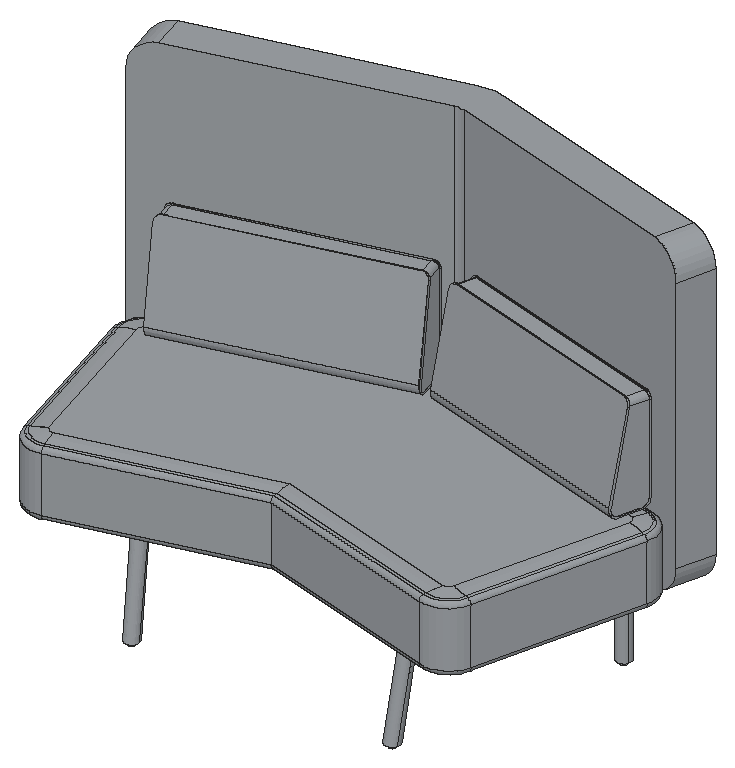
Revit family "Martin Brattrud - Medinah - Banquette - 30 Degree", category Furniture, Revit 2016
Family settings
  OmniClass Number = 23.40.20.00
  OmniClass Title = General Furniture and Specialties
  Work Plane-Based = No
  Always vertical = Yes
  Cut with Voids When Loaded = No
  Shared = No
  Room Calculation Point = No
Parameters (values of type "Mid Back")
  r = 0' - 0 1/2"  # constant formula
  WIDTH = 5' - 3"  # constant formula
  Upholstery (Seat) [instance] = Fabric - White
  Upholstery (Pillow) [instance] = Fabric - White
  Upholstery (Back) [instance] = Fabric - White
  URL = "http://www.martinbrattrud.com"
  SCS Certified Product = "Yes"
  Model = "1928-91"
  Manufacturer = "Martin Brattrud, Inc."
  Leg [instance] = Metal, Chrome
  Keynote = "125000"
  HEIGHT = 3' - 8"
  Description = "Medinah, Banquette 30 Degree"
  DEPTH = 3' - 7"  # constant formula
  Copyright = "© 2018 Martin Brattrud, Inc."
  Authoring Version = "Revit Architecture 2016"
  Assembly Code = "E2020200"
  ANGLE = 22.50°
Types (3): name | Model | HEIGHT | ANGLE
  (no name) | "1928-91" | 3' - 8" | 22.50°
  Mid Back | "1928-91" | 3' - 8" | 22.50°
  High Back | "1929-91" | 4' - 7" | 15.00°
Reference planes (in)
  plane 1 "Center Front/Back": y = 0
  plane 2: z = 0
  plane 3 "Center Left/Right": x = 0
  plane 4: y = 14
  plane 5: z = 11.3187651
  plane 6: z = 0.3828391
  plane 7: z = 11.0687651
  plane 8: z = 9.5880093
  plane 9: z = 18.375424
  plane 10: z = 29.1968652
  plane 11: through (0, -4.1319701, 19.5573484) normal (0, 0.9781, -0.2079)
  plane 12: through (0, -4.2542385, 19.5833374) normal (0, 0.9781, -0.2079)
  plane 13 "TOS": z = 17.5
  plane 14: through (-13.7063367, -16.1213211, 48) normal (-0.9659, -0.2588, 0)
  plane 15: through (13.7063367, -16.1213211, 48) normal (-0.9659, 0.2588, 0)
  plane 16: z = 44
  plane 17: through (-12.5604656, 2.3588465, 48) normal (0.9659, 0.2588, 0)
Forms (in)
  Extrusion 1, solid, material "Fabric - White" <- "Upholstery (Back)"
    sketch origin (0, 0, 17.5) x (0, -1, 0) y (1, 0, 0)
      loop
        line (-6.099132, -30.013051) -> (-2.2354286, -28.9777748) -> (-9.8612993, -0.5176381)
        arc (-9.8612993, -0.5176381) -> (-9.9294476, 0) -> (-9.8612993, 0.5176381) r 2
        line (-9.8612993, 0.5176381) -> (-2.2354286, 28.9777748) -> (-6.099132, 30.013051) -> (-13.7250026, 1.5529143)
        arc (-13.7250026, 1.5529143) -> (-13.9294476, 0) -> (-13.7250026, -1.5529143) r 6
        line (-13.7250026, -1.5529143) -> (-6.099132, -30.013051)
    from -6.4312349 to 26.5
  Extrusion 2, void
    sketch origin (0, 10, 17.5) x (0.965926, 0.258819, 0) y (0, 0, -1)
      loop
        arc (-27, -26.5) -> (-29.1213203, -25.6213203) -> (-30, -23.5) r 3
        line (-30, -23.5) -> (-30, 3.4312349)
        arc (-30, 3.4312349) -> (-29.1213203, 5.5525553) -> (-27, 6.4312349) r 3
        line (-27, 6.4312349) -> (-22, 6.4312349) -> (-22, 10.4312349) -> (-34, 10.0192442) -> (-34, -30.5) -> (-22, -30.5) -> (-22, -26.5) -> (-27, -26.5)
    from 0 to 13
  Extrusion 3, void
    sketch origin (0, 10, 17.5) x (-0.965926, 0.258819, 0) y (0, 0, 1)
      loop
        line (-22, 26.5) -> (-22, 30.5) -> (-34, 30.5) -> (-34, -10.4312349) -> (-22, -10.4312349) -> (-22, -6.4312349) -> (-27, -6.4312349)
        arc (-27, -6.4312349) -> (-29.1213203, -5.5525553) -> (-30, -3.4312349) r 3
        line (-30, -3.4312349) -> (-30, 23.5)
        arc (-30, 23.5) -> (-29.1213203, 25.6213203) -> (-27, 26.5) r 3
        line (-27, 26.5) -> (-22, 26.5)
    from 0 to 13
Cuts and joins
  Extrusion 2, Extrusion 3 cuts Extrusion 1
Lines and regions (in)
  reference lines
    curve 1: line (0, 10, 17.5) -> (-30, 1.9615242, 17.5)
    curve 2: line (0, 10, 17.5) -> (30, 1.9615242, 17.5)
    curve 3: line (-28.9777748, 2.2354286, 17.5) -> (-22.7661177, -20.9467912, 17.5)
    curve 4: line (28.9777748, 2.2354286, 17.5) -> (22.7661177, -20.9467912, 17.5)
    curve 5: line (0, -14.8466283, 17.5) -> (-23.7883429, -21.2206956, 17.5)
    curve 6: line (0, -14.8466283, 17.5) -> (23.7883429, -21.2206956, 17.5)
    curve 7: line (0, 14.1411047, 17.5) -> (-31.0352762, 5.8252275, 17.5)
    curve 8: line (0, 14.1411047, 17.5) -> (31.0352762, 5.8252275, 17.5)
    curve 9: line (0, -12.2584379, 17.5) -> (-20.9983508, -17.884929, 17.5)
    curve 10: line (0, -12.2584379, 17.5) -> (20.9983508, -17.884929, 17.5)
    curve 11: line (-25.9159126, 0.4676617, 17.5) -> (-20.9983508, -17.884929, 17.5)
    curve 12: line (0, 7.4118095, 17.5) -> (-25.9159126, 0.4676617, 17.5)
    curve 13: line (0, 7.4118095, 17.5) -> (25.9159126, 0.4676617, 17.5)
    curve 14: line (25.9159126, 0.4676617, 17.5) -> (20.9983508, -17.884929, 17.5)
    curve 15: line (0, 12.0705524, 17.5) -> (-30.5176381, 3.8933759, 17.5)
    curve 16: line (0, 12.0705524, 17.5) -> (30.5176381, 3.8933759, 17.5)
    curve 17: line (0, -2.4233142, 17.5) -> (-26.8941715, -9.6295857, 17.5)
    curve 18: line (0, -2.4233142, 17.5) -> (26.8941715, -9.6295857, 17.5)
Dimensions and locks (in)
  plane 9 to level = 1' - 6.37542"
  locked: plane 11 to plane 12 at 0.125
  plane 13 "TOS" to level = 1' - 5 1/2"
  "HEIGHT": plane 16 to level
  aligned and locked: Extrusion 1 sketch curve to curve 3
  aligned and locked: curve 1 to Extrusion 1 sketch curve
  aligned and locked: curve 7 to Extrusion 1 sketch curve
  aligned and locked: curve 2 to Extrusion 1 sketch curve
  aligned and locked: curve 8 to Extrusion 1 sketch curve
  aligned and locked: Extrusion 1 sketch curve to curve 4
  aligned and locked: plane 16 to Extrusion 1
Automatic sketch dimensions
  plane 3 "Center Left/Right" to Extrusion 1 sketch curve = 0' - 0.51764"
  Extrusion 1 sketch curve to plane 3 "Center Left/Right" = 0' - 0.51764"
  Extrusion 1 sketch curve to plane 1 "Center Front/Back" = 0' - 7.92945"
  Extrusion 1 sketch curve to Extrusion 1 sketch curve = 0' - 0"
  Extrusion 1 sketch curve to Extrusion 1 sketch curve = 0' - 1.03528"
  plane 3 "Center Left/Right" to Extrusion 1 sketch curve = 0' - 1.55291"
  Extrusion 2 sketch curve to Extrusion 1 = 0' - 0"  (x2)
  Extrusion 1 to Extrusion 2 sketch curve = 0' - 0"
  Extrusion 2 sketch curve to Extrusion 1 = 0' - 4"
  Extrusion 2 sketch curve to Extrusion 2 sketch curve = 0' - 3"
  Extrusion 1 to Extrusion 2 sketch curve = 0' - 3"
  Extrusion 2 sketch curve to Extrusion 2 sketch curve = 0' - 5"  (x2)
  Extrusion 1 to Extrusion 2 sketch curve = 0' - 4"  (x2)
  Extrusion 1 to Extrusion 2 sketch curve = 0' - 3.58801"
  Extrusion 3 sketch curve to Extrusion 1 = 0' - 0"  (x2)
  Extrusion 1 to Extrusion 3 sketch curve = 0' - 0"
  Extrusion 3 sketch curve to Extrusion 1 = 0' - 4"
  Extrusion 3 sketch curve to Extrusion 3 sketch curve = 0' - 3"
  Extrusion 1 to Extrusion 3 sketch curve = 0' - 3"
  Extrusion 3 sketch curve to Extrusion 3 sketch curve = 0' - 5"  (x2)
  Extrusion 1 to Extrusion 3 sketch curve = 0' - 4"  (x2)
  curve 16 to plane 3 "Center Left/Right" = 0' - 0"
  curve 17 to plane 3 "Center Left/Right" = 0' - 0"
  curve 16 to plane 4 = 0' - 1.92945"
  plane 1 "Center Front/Back" to curve 17 = 0' - 2.42331"
  curve 15 to curve 1 = 0' - 1.93185"
  curve 8 to curve 16 = 0' - 1.93185"
  plane 1 "Center Front/Back" to curve 17 = 0' - 9.62959"
  plane 1 "Center Front/Back" to curve 18 = 0' - 9.62959"
  curve 15 to curve 1 = 0' - 0.51764"
  curve 17 to curve 9 = 0' - 5.89582"
  curve 10 to curve 18 = 0' - 5.89582"
  curve 16 to curve 8 = 0' - 0.51764"
  curve 8 to plane 3 "Center Left/Right" = 0' - 0"
  curve 1 to plane 3 "Center Left/Right" = 0' - 0"
  curve 12 to plane 3 "Center Left/Right" = 0' - 0"
  curve 9 to plane 3 "Center Left/Right" = 0' - 0"
  curve 6 to plane 3 "Center Left/Right" = 0' - 0"
  plane 4 to curve 7 = 0' - 0.1411"
  curve 15 to curve 1 = 0' - 2.07055"
  curve 1 to curve 12 = 0' - 2.58819"
  curve 11 to plane 1 "Center Front/Back" = 0' - 0.46766"
  curve 14 to plane 1 "Center Front/Back" = 0' - 0.46766"
  curve 17 to curve 9 = 0' - 9.83512"
  curve 9 to curve 6 = 0' - 2.58819"
  curve 17 to curve 11 = 0' - 8.25534"
  curve 18 to curve 10 = 0' - 8.25534"
  curve 7 to plane 1 "Center Front/Back" = 0' - 5.82523"
  curve 8 to plane 1 "Center Front/Back" = 0' - 5.82523"
  curve 7 to curve 15 = 0' - 1.93185"
  curve 3 to curve 1 = 0' - 0.2739"
  curve 4 to plane 1 "Center Front/Back" = 0' - 2.23543"
  curve 4 to curve 2 = 0' - 0.2739"
  curve 10 to curve 4 = 0' - 3.06186"
  curve 9 to curve 3 = 0' - 3.06186"
  curve 3 to curve 5 = 0' - 0.2739"
  curve 4 to curve 6 = 0' - 0.2739"
  curve 7 to curve 15 = 0' - 0.51764"
  curve 2 to curve 16 = 0' - 0.51764"
Nested families (in)
  nested 1: "Martin_Brattrud_Medinah_SEAT CUSHION_30" at (0, 0, 0), UPHOLSTERY <- "Upholstery (Seat)", type "Martin_Brattrud_Medinah_SEAT CUSHION_30"
    with WIDTH 5' - 0", UPHOLSTERY Fabric - White, LEG Metal, Chrome, DEPTH 2' - 4"
  nested 2: "Martin_Brattrud_Medinah_LEG" at (-16.7303264, -4.835638, 0) x (0.9659, 0.2588, 0) z (0, 0, 1), LEG <- "Leg", type "Martin_Brattrud_Medinah_LEG"
    with UPHOLSTERY none, LEG Metal, Chrome
  nested 3: "Martin_Brattrud_Medinah_LEG" at (16.7303264, -4.835638, 0) x (-0.9659, 0.2588, 0) z (0, 0, 1), LEG <- "Leg", type "Martin_Brattrud_Medinah_LEG"
    with UPHOLSTERY none, LEG Metal, Chrome
  nested 4: "Martin_Brattrud_Medinah_BACK CUSHION" at (-13.6293623, 6.3480234, 0) x (0.9659, 0.2588, 0) z (0, 0, 1), UPHOLSTERY <- "Upholstery (Pillow)", type "Martin_Brattrud_Medinah_BACK CUSHION"
    with WIDTH 2' - 0.75974", UPHOLSTERY Fabric - White, LEG Fabric - White
  nested 5: "Martin_Brattrud_Medinah_BACK CUSHION" at (13.6293623, 6.3480234, 0) x (-0.9659, 0.2588, 0) z (0, 0, 1), UPHOLSTERY <- "Upholstery (Pillow)", type "Martin_Brattrud_Medinah_BACK CUSHION"
    with WIDTH 2' - 0.75974", UPHOLSTERY Fabric - White, LEG Fabric - White
Definition of nested family "Martin_Brattrud_Medinah_SEAT CUSHION_30"
  Parameters (values of type "Martin_Brattrud_Medinah_SEAT CUSHION_30")
    r = 0' - 0 1/2"
    WIDTH [instance] = 5' - 0"
    URL = "http://www.martinbrattrud.com"
    UPHOLSTERY [instance] = none
    SCS Certified Product = "Yes"
    Model = "MEDINAH"
    Manufacturer = "Martin Brattrud, Inc."
    LEG [instance] = none
    Keynote = "125000"
    DEPTH [instance] = 2' - 4"
    Copyright = "© 2013 Martin Brattrud, Inc."
    Authoring Version = "Revit Architecture 2010"
    Assembly Code = "E2020200"
    ANGLE = 15.00°
  Reference planes (in)
    plane 1 "Center Front/Back": y = 0
    plane 2: z = 0
    plane 3 "Center Left/Right": x = 0
    plane 4: y = 14
    plane 5: z = 11.3187651
    plane 6: z = 0.3828391
    plane 7: z = 11.0687651
    plane 8: z = 9.5880093
    plane 9: z = 18.375424
    plane 10: z = 29.1968652
    plane 11: through (0, -4.1319701, 19.5573484) normal (0, 0.9781, -0.2079)
    plane 12: through (0, -4.2542385, 19.5833374) normal (0, 0.9781, -0.2079)
    plane 13 "TOS": z = 17.5
    plane 14: through (-14.1259526, -16.2337568, 48) normal (-0.9659, -0.2588, 0)
    plane 15: through (14.1259526, -16.2337568, 48) normal (-0.9659, 0.2588, 0)
  Forms (in)
    Sweep 1, solid, material <- "UPHOLSTERY"
      path origin (0, 0, 17.5) x (0, -1, 0) y (1, 0, 0)
        loop
          line (-7.3771344, -0.1294095) -> (-0.5970712, -25.4329497)
          arc (-0.5970712, -25.4329497) -> (-0.3641083, -25.7365529) -> (0.0153012, -25.7865031) r 0.5
          line (0.0153012, -25.7865031) -> (17.4019661, -21.1277603)
          arc (17.4019661, -21.1277603) -> (17.7055693, -20.8947974) -> (17.7555195, -20.5153878) r 0.5
          line (17.7555195, -20.5153878) -> (12.2584379, 0) -> (17.7555195, 20.5153878)
          arc (17.7555195, 20.5153878) -> (17.7055693, 20.8947974) -> (17.4019661, 21.1277603) r 0.5
          line (17.4019661, 21.1277603) -> (0.0153012, 25.7865031)
          arc (0.0153012, 25.7865031) -> (-0.3641083, 25.7365529) -> (-0.5970712, 25.4329497) r 0.5
          line (-0.5970712, 25.4329497) -> (-7.3771344, 0.1294095)
          arc (-7.3771344, 0.1294095) -> (-7.3941715, 0) -> (-7.3771344, -0.1294095) r 0.5
      profile origin (-12.7811796, 3.9871028, 17.5) x (0.258819, -0.965926, 0) y (0, 0, 1)
        loop
          line (0, 0.875424) -> (-0.1591661, 0.875424)
          arc (-0.1591661, 0.875424) -> (-0.9953938, 0.8315992) -> (-1.8224596, 0.7006049) r 8
          line (-1.8224596, 0.7006049) -> (-2.1039558, 0.640771)
          arc (-2.1039558, 0.640771) -> (-2.388573, 0.4663574) -> (-2.5, 0.1516972) r 0.5
          line (-2.5, 0.1516972) -> (-2.5, -5.7471946)
          arc (-2.5, -5.7471946) -> (-2.3830222, -6.0685884) -> (-2.0868241, -6.2395985) r 0.5
          line (-2.0868241, -6.2395985) -> (-1.6892761, -6.3096969)
          arc (-1.6892761, -6.3096969) -> (-0.9973366, -6.4007925) -> (-0.3000907, -6.4312349) r 8
          line (-0.3000907, -6.4312349) -> (0, -6.4312349) -> (0, 0.875424)
    Extrusion 2, solid, material <- "UPHOLSTERY"
      sketch origin (0, 0, 17.5) x (0, -1, 0) y (1, 0, 0)
        loop
          line (12.2584379, 0) -> (17.7555195, 20.5153878)
          arc (17.7555195, 20.5153878) -> (17.7055693, 20.8947974) -> (17.4019661, 21.1277603) r 0.5
          line (17.4019661, 21.1277603) -> (0.0153012, 25.7865031)
          arc (0.0153012, 25.7865031) -> (-0.3641083, 25.7365529) -> (-0.5970712, 25.4329497) r 0.5
          line (-0.5970712, 25.4329497) -> (-7.3771344, 0.1294095)
          arc (-7.3771344, 0.1294095) -> (-7.3941715, 0) -> (-7.3771344, -0.1294095) r 0.5
          line (-7.3771344, -0.1294095) -> (-0.5970712, -25.4329497)
          arc (-0.5970712, -25.4329497) -> (-0.3641083, -25.7365529) -> (0.0153012, -25.7865031) r 0.5
          line (0.0153012, -25.7865031) -> (17.4019661, -21.1277603)
          arc (17.4019661, -21.1277603) -> (17.7055693, -20.8947974) -> (17.7555195, -20.5153878) r 0.5
          line (17.7555195, -20.5153878) -> (12.2584379, 0)
      from -6.4312349 to 0.875424
  Cuts and joins
    joined: Sweep 1, Extrusion 2
  Lines and regions (in)
    reference lines
      curve 1: line (0, 10, 17.5) -> (-30, 1.9615242, 17.5)
      curve 2: line (0, 10, 17.5) -> (30, 1.9615242, 17.5)
      curve 3: line (-28.9777748, 2.2354286, 17.5) -> (-22.7661177, -20.9467912, 17.5)
      curve 4: line (28.9777748, 2.2354286, 17.5) -> (22.7661177, -20.9467912, 17.5)
      curve 5: line (0, -14.8466283, 17.5) -> (-23.7883429, -21.2206956, 17.5)
      curve 6: line (0, -14.8466283, 17.5) -> (23.7883429, -21.2206956, 17.5)
      curve 7: line (0, 14.1411047, 17.5) -> (-31.0352762, 5.8252275, 17.5)
      curve 8: line (0, 14.1411047, 17.5) -> (31.0352762, 5.8252275, 17.5)
      curve 9: line (0, -12.2584379, 17.5) -> (-20.9983508, -17.884929, 17.5)
      curve 10: line (0, -12.2584379, 17.5) -> (20.9983508, -17.884929, 17.5)
      curve 11: line (-25.9159126, 0.4676617, 17.5) -> (-20.9983508, -17.884929, 17.5)
      curve 12: line (0, 7.4118095, 17.5) -> (-25.9159126, 0.4676617, 17.5)
      curve 13: line (0, 7.4118095, 17.5) -> (25.9159126, 0.4676617, 17.5)
      curve 14: line (25.9159126, 0.4676617, 17.5) -> (20.9983508, -17.884929, 17.5)
  Dimensions and locks (in)
    plane 9 to level = 1' - 6.37542"
    locked: plane 11 to plane 12 at 0.125
    plane 13 "TOS" to level = 1' - 5 1/2"
    curve 3 to curve 2 = 2' - 6"
    curve 4 to curve 2 = 2' - 6"
    locked: curve 1 to curve 5 at 24
    locked: curve 6 to curve 2 at 24
    locked: curve 7 to curve 1 at 4
    locked: curve 2 to curve 8 at 4
    locked: curve 9 to curve 5 at 2.5
    locked: curve 1 to curve 12 at 2.5
    locked: curve 13 to curve 2 at 2.5
    locked: curve 6 to curve 10 at 2.5
    locked: curve 3 to curve 11 at 2.5
    locked: curve 14 to curve 4 at 2.5
    "r": radius of Sweep 1 sketch curve  (x5)
    "r": radius of Extrusion 2 sketch curve  (x5)
    locked: curve 5 to curve 3 (angle 90.00°)
    locked: curve 3 to curve 1 (angle 90.00°)
    locked: curve 4 to curve 6 (angle 90.00°)
    locked: curve 2 to curve 4 (angle 90.00°)
    "ANGLE": angle curve 8 to plane 4
    "ANGLE": angle plane 4 to curve 7
    aligned and locked: Extrusion 2 to plane 9
    aligned and locked: Extrusion 2 to plane 7
    aligned and locked: plane 3 "Center Left/Right" to curve 1
    aligned and locked: curve 12 to Sweep 1 sketch curve
    aligned and locked: curve 11 to Sweep 1 sketch curve
    aligned and locked: Sweep 1 sketch curve to curve 9
    aligned and locked: curve 10 to Sweep 1 sketch curve
    aligned and locked: Sweep 1 sketch curve to curve 14
    aligned and locked: Sweep 1 sketch curve to curve 13
    aligned and locked: Extrusion 2 sketch curve to curve 9
    aligned and locked: Extrusion 2 sketch curve to curve 11
    aligned and locked: Extrusion 2 sketch curve to curve 12
    aligned and locked: curve 13 to Extrusion 2 sketch curve
    aligned and locked: curve 14 to Extrusion 2 sketch curve
    aligned and locked: Extrusion 2 sketch curve to curve 10
  Automatic sketch dimensions
    profile plane to Sweep 1 sketch curve = 0' - 0"
    Sweep 1 sketch curve to Sweep 1 sketch curve = 0' - 0.15917"
    Sweep 1 sketch curve to Sweep 1 sketch curve = 0' - 0.30009"
    Sweep 1 sketch curve to Sweep 1 sketch curve = 0' - 1.38919"
    Sweep 1 sketch curve to plane 13 "TOS" = 0' - 0.7006"
    Sweep 1 sketch curve to Sweep 1 sketch curve = 0' - 1.66329"
    Sweep 1 sketch curve to Sweep 1 sketch curve = 0' - 0.31072"
    Sweep 1 sketch curve to Sweep 1 sketch curve = 0' - 0.39755"
    Sweep 1 sketch curve to plane 13 "TOS" = 0' - 0.1517"
    Sweep 1 sketch curve to Sweep 1 sketch curve = 0' - 0.17754"
    Sweep 1 sketch curve to plane 13 "TOS" = 0' - 0.64077"
    Sweep 1 sketch curve to Sweep 1 sketch curve = 0' - 0.2815"
    plane 13 "TOS" to Sweep 1 sketch curve = 0' - 5.74719"
    Sweep 1 sketch curve to Sweep 1 sketch curve = 0' - 0.0701"
    Sweep 1 sketch curve to Sweep 1 sketch curve = 0' - 0.12154"
    Sweep 1 sketch curve to Sweep 1 sketch curve = 0' - 0.69334"
    plane 3 "Center Left/Right" to Sweep 1 sketch curve = 0' - 0.12941"
    Sweep 1 sketch curve to plane 3 "Center Left/Right" = 0' - 0.12941"
    Sweep 1 sketch curve to Sweep 1 sketch curve = 0' - 0.48296"  (x4)
    plane 1 "Center Front/Back" to Sweep 1 sketch curve = 0' - 0.0153"  (x2)
    Sweep 1 sketch curve to Sweep 1 sketch curve = 0' - 0.12941"  (x2)
    plane 3 "Center Left/Right" to Extrusion 2 sketch curve = 0' - 0.12941"
    Extrusion 2 sketch curve to plane 3 "Center Left/Right" = 0' - 0.12941"
    Extrusion 2 sketch curve to Extrusion 2 sketch curve = 0' - 0.48296"  (x4)
    plane 1 "Center Front/Back" to Extrusion 2 sketch curve = 0' - 0.0153"  (x2)
    Extrusion 2 sketch curve to Extrusion 2 sketch curve = 0' - 0.12941"  (x2)
    plane 4 to curve 7 = 0' - 0.1411"
Definition of nested family "Martin_Brattrud_Medinah_LEG"
  Parameters (values of type "Martin_Brattrud_Medinah_LEG")
    URL = "http://www.martinbrattrud.com"
    UPHOLSTERY [instance] = none
    SCS Certified Product = "Yes"
    Model = "MEDINAH"
    Manufacturer = "Martin Brattrud, Inc."
    LEG [instance] = none
    Keynote = "125000"
    Copyright = "© 2013 Martin Brattrud, Inc."
    Authoring Version = "Revit Architecture 2010"
    Assembly Code = "E2020200"
  Reference planes (in)
    plane 1 "Center Front/Back": y = 0
    plane 2: z = 0
    plane 3 "Center Left/Right": x = 0
    plane 4: y = 14
    plane 5: y = -14
    plane 6: y = 10
    plane 7: z = 11.3187651
    plane 8: z = 0.3828391
    plane 9: z = 11.0687651
    plane 10: z = 9.5880093
  Forms (in)
    Blend 1, solid, material <- "LEG"
      base sketch origin (0, 0.4291845, 0) x (1, 0, 0) y (0, 1, 0)
        loop
          circle (0, -12.0395903) r 0.75
      top sketch origin (0, 0.4291845, 0) x (1, 0, 0) y (0, 1, 0)
        loop
          circle (0, -10.1333403) r 0.75
      from 0.3828391 to 11.0687651
    Extrusion 2, solid, material <- "LEG"
      sketch origin (0, -0.0541609, 0) x (1, 0, 0) y (0, 1, 0)
        loop
          circle (0, 12.0541597) r 0.75
      from 0.3828391 to 11.0687651
    Extrusion 3, solid, material <- "LEG"
      sketch origin (0, -0.0541609, 0) x (1, 0, 0) y (0, 1, 0)
        loop
          circle (0, 12.0541597) r 0.3125
        loop
          circle (0.0088621, -11.5418738) r 0.3125
      from 0 to 0.3828391
    Blend 4, solid, material <- "LEG"
      base sketch origin (0, 0, 0) x (1, 0, 0) y (0, 1, 0)
        loop
          line (-0.75, 11.9999988) -> (-0.75, -9.9697661)
          arc (-0.75, -9.9697661) -> (0, -9.2197661) -> (0.75, -9.9697661) r 0.75
          line (0.75, -9.9697661) -> (0.75, 11.9999988)
          arc (0.75, 11.9999988) -> (0, 11.2499988) -> (-0.75, 11.9999988) r 0.75
      top sketch origin (0, 0, 0) x (1, 0, 0) y (0, 1, 0)
        loop
          line (-0.75, 11.9999988) -> (-0.75, -9.7041557)
          arc (-0.75, -9.7041557) -> (0, -8.9541557) -> (0.75, -9.7041557) r 0.75
          line (0.75, -9.7041557) -> (0.75, 11.9999988)
          arc (0.75, 11.9999988) -> (0, 11.2499988) -> (-0.75, 11.9999988) r 0.75
      from 9.5880093 to 11.0687651
  Cuts and joins
    joined: Blend 1, Extrusion 2, Extrusion 3
Definition of nested family "Martin_Brattrud_Medinah_BACK CUSHION"
  Parameters (values of type "Martin_Brattrud_Medinah_BACK CUSHION")
    WIDTH [instance] = 2' - 0.75974"
    URL = "http://www.martinbrattrud.com"
    UPHOLSTERY [instance] = none
    SCS Certified Product = "Yes"
    Model = "MEDINAH"
    Manufacturer = "Martin Brattrud, Inc."
    LEG [instance] = none
    Keynote = "125000"
    Copyright = "© 2013 Martin Brattrud, Inc."
    Authoring Version = "Revit Architecture 2010"
    Assembly Code = "E2020200"
  Reference planes (in)
    plane 1 "Center Front/Back": y = 0
    plane 2: z = 0
    plane 3 "Center Left/Right": x = 0
    plane 4: y = 14
    plane 5: y = -14
    plane 6: y = 10
    plane 7: z = 11.3187651
    plane 8: z = 0.3828391
    plane 9: z = 11.0687651
    plane 10: z = 9.5880093
    plane 11: x = -12.3798725
    plane 12: x = 12.3798725
    plane 13: x = -12.2548723
    plane 14: x = 12.2548723
    plane 15: z = 18.375424
    plane 16: z = 29.0718646
    plane 17: z = 29.1968652
    plane 18: y = -0.125
    plane 19: through (0, -4.1319701, 19.5573484) normal (0, 0.9781, -0.2079)
    plane 20: z = 18.500424
    plane 21: through (0, -4.2542385, 19.5833374) normal (0, 0.9781, -0.2079)
  Forms (in)
    Extrusion 1, solid, material <- "UPHOLSTERY"
      sketch origin (0, 0, 0) x (0, 1, 0) y (0, 0, 1)
        loop
          line (-3.2760913, 18.375424) -> (-1, 18.375424)
          arc (-1, 18.375424) -> (-0.2928932, 18.6683173) -> (0, 19.375424) r 1
          line (0, 19.375424) -> (0, 29.1968652) -> (-0.125, 29.1968652) -> (-0.125, 19.375424)
          arc (-0.125, 19.375424) -> (-0.3812816, 18.7567056) -> (-1, 18.500424) r 0.875
          line (-1, 18.500424) -> (-3.2760913, 18.500424)
          arc (-3.2760913, 18.500424) -> (-3.956094, 18.8247687) -> (-4.1319704, 19.5573468) r 0.875
          line (-4.1319704, 19.5573468) -> (-2.0830275, 29.1968652) -> (-2.2108201, 29.1968652) -> (-4.2542389, 19.5833357)
          arc (-4.2542389, 19.5833357) -> (-4.0532372, 18.7461037) -> (-3.2760913, 18.375424) r 1
      from -12.3798725 to 12.3798725
    Extrusion 2, void
      sketch origin (0, 0, 0) x (1, 0, 0) y (0, 0, 1)
        loop
          arc (-12.3798725, 28.4468652) -> (-12.1602025, 28.9771953) -> (-11.6298725, 29.1968652) r 0.75
          line (-11.6298725, 29.1968652) -> (11.6298725, 29.1968652)
          arc (11.6298725, 29.1968652) -> (12.1602025, 28.9771953) -> (12.3798725, 28.4468652) r 0.75
          line (12.3798725, 28.4468652) -> (12.3798725, 18.375424) -> (13.3798725, 18.375424) -> (13.3798725, 28.4468652)
          arc (13.3798725, 28.4468652) -> (12.8673093, 29.6843021) -> (11.6298725, 30.1968652) r 1.75
          line (11.6298725, 30.1968652) -> (-11.6298725, 30.1968652)
          arc (-11.6298725, 30.1968652) -> (-12.8673093, 29.6843021) -> (-13.3798725, 28.4468652) r 1.75
          line (-13.3798725, 28.4468652) -> (-13.3798725, 18.375424) -> (-12.3798725, 18.375424) -> (-12.3798725, 28.4468652)
      from 0 to 14
    Extrusion 3, solid, material <- "UPHOLSTERY"
      sketch origin (0, 0, 0) x (0, 1, 0) y (0, 0, 1)
        loop
          line (-0.125, 19.375424) -> (-0.125, 29.0718646) -> (-2.1095972, 29.0718646) -> (-4.1319704, 19.5573468)
          arc (-4.1319704, 19.5573468) -> (-3.956094, 18.8247687) -> (-3.2760913, 18.500424) r 0.875
          line (-3.2760913, 18.500424) -> (-1, 18.500424)
          arc (-1, 18.500424) -> (-0.3812816, 18.7567056) -> (-0.125, 19.375424) r 0.875
      from -12.2548723 to 12.2548723
    Extrusion 4, void
      sketch origin (0, 0, 0) x (1, 0, 0) y (0, 0, 1)
        loop
          arc (-12.2548723, 28.4468646) -> (-12.0718141, 28.8888063) -> (-11.6298723, 29.0718646) r 0.625
          line (-11.6298723, 29.0718646) -> (11.6298723, 29.0718646)
          arc (11.6298723, 29.0718646) -> (12.0718141, 28.8888063) -> (12.2548723, 28.4468646) r 0.625
          line (12.2548723, 28.4468646) -> (12.2548723, 18.375424) -> (13.2548723, 18.375424) -> (13.2548723, 28.4468646)
          arc (13.2548723, 28.4468646) -> (12.7789209, 29.5959131) -> (11.6298723, 30.0718646) r 1.625
          line (11.6298723, 30.0718646) -> (-11.6298723, 30.0718646)
          arc (-11.6298723, 30.0718646) -> (-12.7789209, 29.5959131) -> (-13.2548723, 28.4468646) r 1.625
          line (-13.2548723, 28.4468646) -> (-13.2548723, 18.375424) -> (-12.2548723, 18.375424) -> (-12.2548723, 28.4468646)
      from 0 to 7.8193076
  Cuts and joins
    Extrusion 2 cuts Extrusion 1
    Extrusion 4 cuts Extrusion 3
    joined: Extrusion 1, Extrusion 3
  Dimensions and locks (in)
    plane 15 to level = 1' - 6.37542"
    plane 16 to plane 15 = 0' - 10.69644"
    locked: plane 17 to plane 16 at 0.1250006
    equal spacing: plane 12, plane 3 "Center Left/Right", plane 11
    locked: plane 13 to plane 11 at 0.1250001
    locked: plane 14 to plane 12 at 0.1250001
    "WIDTH": plane 12 to plane 11
    locked: plane 1 "Center Front/Back" to plane 18 at 0.125
    locked: plane 15 to plane 20 at 0.125
    locked: plane 19 to plane 21 at 0.125
    aligned and locked: plane 15 to Extrusion 1 sketch curve
    aligned and locked: plane 20 to Extrusion 1 sketch curve
    aligned and locked: plane 1 "Center Front/Back" to Extrusion 1 sketch curve
    aligned and locked: plane 18 to Extrusion 1 sketch curve
    aligned and locked: plane 19 to Extrusion 1 sketch curve
    aligned and locked: plane 21 to Extrusion 1 sketch curve
    aligned and locked: plane 17 to Extrusion 1 sketch curve
    aligned and locked: Extrusion 1 to plane 11
    aligned and locked: Extrusion 1 to plane 12
    aligned and locked: Extrusion 2 sketch curve to plane 11
    aligned and locked: Extrusion 2 sketch curve to plane 17
    aligned and locked: plane 12 to Extrusion 2 sketch curve
    aligned and locked: Extrusion 2 sketch curve to plane 15
    aligned and locked: plane 16 to Extrusion 3 sketch curve
    aligned and locked: Extrusion 3 to plane 13
    aligned and locked: Extrusion 3 to plane 14
    aligned and locked: Extrusion 4 sketch curve to plane 13
    aligned and locked: Extrusion 4 sketch curve to plane 16
    aligned and locked: plane 14 to Extrusion 4 sketch curve
    aligned and locked: Extrusion 4 sketch curve to plane 15
  Automatic sketch dimensions
    Extrusion 1 sketch curve to Extrusion 1 sketch curve = 0' - 0"  (x3)
    plane 17 to Extrusion 1 sketch curve = 0' - 0"
    Extrusion 1 sketch curve to plane 20 = 0' - 0 7/8"
    Extrusion 1 sketch curve to plane 20 = 0' - 1.05692"
    Extrusion 1 sketch curve to plane 20 = 0' - 1.08291"
    plane 18 to Extrusion 1 sketch curve = 0' - 0 7/8"
    plane 13 to Extrusion 2 sketch curve = 0' - 0 5/8"
    plane 16 to Extrusion 2 sketch curve = 0' - 0 5/8"
    Extrusion 2 sketch curve to Extrusion 2 sketch curve = 0' - 0"  (x4)
    Extrusion 2 sketch curve to plane 17 = 0' - 1"
    Extrusion 2 sketch curve to plane 15 = 0' - 0"
    Extrusion 3 sketch curve to Extrusion 3 sketch curve = 0' - 0.85588"
    plane 19 to Extrusion 3 sketch curve = 0' - 0"
    plane 13 to Extrusion 4 sketch curve = 0' - 0 5/8"
    plane 14 to Extrusion 4 sketch curve = 0' - 0 5/8"
    Extrusion 4 sketch curve to Extrusion 4 sketch curve = 0' - 0"  (x4)
    Extrusion 4 sketch curve to plane 11 = 0' - 0 7/8"
    Extrusion 4 sketch curve to plane 15 = 0' - 0"
